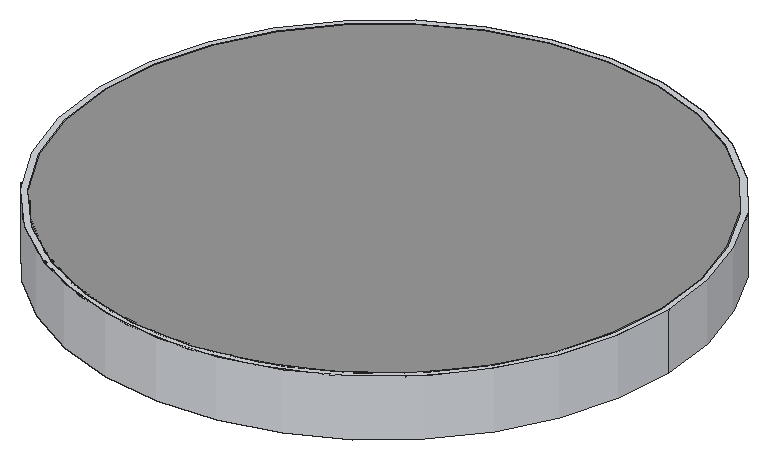
Revit family "2071162", category Lighting Fixtures, host Face, Revit 2018
Family settings
  Host = Face
  Round Connector Dimension = Use Diameter
  Part Type = Normal
  OmniClass Number = 23.80.70.00
  OmniClass Title = Lighting
  Cut with Voids When Loaded = No
  Light Source = Yes
  Shared = No
  Room Calculation Point = No
Parameters (values of type "2071162 COLOSSAL 600 830 OP DIR WHT EM")
  iner diameter = 588 mm
  Weight = "n/a"
  Wattage Comments = ""
  Wattage = 30 W
  WarrantyStartDate [instance] = "n/a"
  WarrantyGuarantorParts = "n/a"
  WarrantyDurationUnit = "n/a"
  WarrantyDurationParts = ""
  WarrantyDescription = "http://www.sylvania-lighting.com"
  built-in parameter 1150110 = 1 (stored number, unit not read)
  Voltage = 230 V
  URL = "0.95"
  TypeName = "COLOSSAL 600mm 830 OPAL DIR WHITE EM"
  Type Image = <None>
  Type Comments = "n/a"
  built-in parameter 1114217 = 1 (stored number, unit not read)
  Tilt Angle = -90.00°
  built-in parameter 1150109 = 1 (stored number, unit not read)
  built-in parameter 1150134 = (empty or 0)
  built-in parameter 1150113 = 1 (stored number, unit not read)
  SerialNumber [instance] = "n/a"
  Photometric Web File = "2071162.ies"
  Material_3_SYL = LED-Sylvania
  PowerFactor = 0
  PowerConsumption = "Lighting"
  NominalLength = 600 mm
  NominalHeight = 93 mm
  NominalDepth = 600 mm
  Name = "COLOSSAL 600mm 830 OPAL DIR WHITE EM"
  ModelReference = Name  # "COLOSSAL 600mm 830 OPAL DIR WHITE EM"
  ModelNumber = "2071162"
  Model = Name  # "COLOSSAL 600mm 830 OPAL DIR WHITE EM"
  Material = "Feilo Sylvania"
  ManufacturerName = "122 lm/W"
  Manufacturer = ""
  LuminousEfficacy = ""
  built-in parameter 1150105 = 270.44 (stored number, unit not read)
  Lumens = 3398.4 lm
  LuminaireType = "0"
  built-in parameter 1150115 = 1 (stored number, unit not read)
  LightOutputRatio = "LED"
  built-in parameter 1150137 = (empty or 0)
  built-in parameter 1150139 = (empty or 0)
  LampsType = Lamp  # "n/a"
  LampNominalLuminous = "3000 K"
  LampMacAdamStep = "80"
  LampColourTemperature = "LED"
  LampColourRenderingIndex = "16500"
  built-in parameter 1150112 = 1 (stored number, unit not read)
  built-in parameter 1150114 = 1 (stored number, unit not read)
  Lamp = "n/a"
  Keynote = "n/a"
  InstallationDate [instance] = "n/a"
  InputVoltage = "0"
  InputNominalFrequency = "3000"
  built-in parameter 1150132 = (empty or 0)
  built-in parameter 1150102 = (empty or 0)
  built-in parameter 1150107 = 3000 (stored number, unit not read)
  built-in parameter 1150138 = (empty or 0)
  IngressProtection = "IfcLightFixtureType"
  ImpactProtectionIndex = "IfcLightFixtureType"
  built-in parameter 1150106 = 2.7044 (stored number, unit not read)
  IfcExportType = "IfcLightFixtureType"
  IfcExportAs = "Class I"
  Emit from Circle Diameter = 385 mm
  Emit Shape Visible in Rendering = no
  ElectricShockClassification = "122"
  built-in parameter 1150104 = 10.524 (stored number, unit not read)
  DocumentationLiterature = "http://www.sylvania-lighting.com/product/en-int/products/2071162"
  DimmingControlOptions = "n/a"
  Material_2_SYL = Polycarbonate_Sylvania_White
  Dimming Lamp Color Temperature Shift = <None>
  Description = "600mm diameter circular architectural luminaire, can be surface mounted or suspended. Powder coated aluminium housing (RAL9016) with polycarbonate opal diffuser. Direct light distribution, 5075lm luminuous flux, 41.5W system power, 122lm/W luminiaire efficacy. Constant current driver. 3 hours integrated emergency. Colour rendering index Ra >80, 3000K Warm White LED, chromaticity tolerance of 3-step MacAdam ellipse. IP40, IK03. 450mA drive current. Electrical protection Class1, 220-240V. Reported lifetime 66k hours L90B10."
  Default Elevation = 1219.2 mm
  CreatedOn = "23/03/2022"
  CreatedBy = "@sylvania-lighting.com"
  Cost = 0
  Color Filter = 16777215
  built-in parameter 1114216 [instance] = (empty or 0)
  ClassificationValue = "EF_70_80"
  ClassificationName = "Uniclass2015"
  Material_1_SYL = Polycarbonate_Sylvania_Opal
  BarCode [instance] = "n/a"
  built-in parameter 1114218 = 1 (stored number, unit not read)
  built-in parameter 1150133 = 10 (stored number, unit not read)
  AssetType = "Fixed"
  AssetIdentifier [instance] = "n/a"
  Assembly Code = "D5020200"
  Apparent Load = 41.5 VA
  Material_4_SYL = none
Reference planes
  plane 1 "Center (Front/Back)": y = 0
  plane 2: z = 0
  plane 3 "Center (Left/Right)": x = 0
  plane 4: x = -300
  plane 5: x = 300
  plane 6: y = 300
  plane 7: y = -300
  plane 8: y = 212
  plane 9: y = -212
  plane 10: z = 93
  plane 11: y = 294
  plane 12: y = -294
  plane 13: through (0, 0, 1219.2) normal (0.5, -0.866, 0)
  plane 14: through (-134.29, 20.617, 1219.2) normal (0.5, -0.866, 0)
  plane 15: through (-144.685, -181.683, 1219.2) normal (-0.5, 0.866, 0)
  plane 16: through (0, 0, 1219.2) normal (0.5, 0.866, 0)
  plane 17: through (178.555, -4.939, 1219.2) normal (0.5, 0.866, 0)
  plane 18: through (87.581, -148.715, 1219.2) normal (0.5, 0.866, 0)
  plane 19: y = 272
  plane 20: through (105.168, 227.067, 1219.2) normal (0.866, 0.5, 0)
  plane 21: through (-104.171, 225.672, 1219.2) normal (0.8572, -0.515, 0)
  plane 22: y = -204.612
  plane 23: through (-296.643, -30.2, 1219.2) normal (0.866, 0.5, 0)
  plane 24: through (153.092, -278.837, 1219.2) normal (-0.866, 0.5, 0)
Forms (mm)
  Extrusion 1, solid, detail levels medium+fine
    sketch origin (0, 0, 0) x (1, 0, 0) y (0, 1, 0)
      loop
        circle (0, 0) r 300
    from 33.023 to 93
  Extrusion 2, void
    sketch origin (0, 0, 0) x (1, 0, 0) y (0, 1, 0)
      loop
        circle (0, 0) r 294
    from 93 to 37.292
  Extrusion 3, solid, material "Glass, White, High Luminance", detail levels fine
    sketch origin (0, 0, 0) x (1, 0, 0) y (0, 1, 0)
      loop
        circle (0, 0) r 294
    from 88.026 to 93
  Extrusion 4, solid, detail levels coarse
    sketch origin (0, 0, 0) x (1, 0, 0) y (0, 1, 0)
      loop
        line (-300, 300) -> (-300, -300) -> (300, -300) -> (300, 300) -> (-300, 300)
    from 0 to 93
  Blend 5, solid, detail levels medium+fine
    base sketch origin (0, 0, 0) x (1, 0, 0) y (0, 1, 0)
      loop
        line (-76.334, 272) -> (-277.665, -63.07) -> (-195.946, -204.612) -> (195.946, -204.612) -> (275.172, -67.388) -> (79.226, 272) -> (-76.334, 272)
    top sketch origin (0, 0, 0) x (1, 0, 0) y (0, 1, 0)
      loop
        line (-226.097, -32.388) -> (-141.097, -179.612) -> (141.097, -179.612) -> (226.097, -32.388) -> (85, 212) -> (-85, 212) -> (-226.097, -32.388)
    from 33.023 to 0
Cuts and joins
  Extrusion 2 cuts Extrusion 1
Lines and regions (mm)
  model lines
    curve 1: line (-85, 212, 0) -> (0, 212, 0)
    curve 2: line (0, 212, 0) -> (85, 212, 0)
Dimensions and locks
  "NominalDepth": plane 6 to plane 7
  "NominalLength": plane 4 to plane 5
  equal spacing: plane 4, plane 3 "Center (Left/Right)", plane 5
  "iner diameter": plane 11 to plane 12
  equal spacing: plane 11, plane 1 "Center (Front/Back)", plane 12
  equal spacing: plane 6, plane 1 "Center (Front/Back)", plane 7
  "NominalHeight": plane 10 to level
  radius of Extrusion 2 sketch curve = 294 mm
  aligned and locked: plane 2 to host face
  aligned and locked: level to host face
Automatic sketch dimensions
  host sketch curve to host sketch curve = 2438.4 mm  (x2)
  plane 1 "Center (Front/Back)" to Extrusion 1 sketch curve = 0 mm
  Extrusion 1 sketch curve to plane 3 "Center (Left/Right)" = 0 mm
  plane 1 "Center (Front/Back)" to Extrusion 2 sketch curve = 0 mm
  Extrusion 2 sketch curve to plane 3 "Center (Left/Right)" = 0 mm
  plane 1 "Center (Front/Back)" to Extrusion 3 sketch curve = 0 mm
  Extrusion 3 sketch curve to plane 3 "Center (Left/Right)" = 0 mm
  Extrusion 4 sketch curve to plane 4 = 0 mm
  Extrusion 4 sketch curve to plane 5 = 0 mm
  Extrusion 4 sketch curve to plane 7 = 0 mm
  Extrusion 4 sketch curve to plane 6 = 0 mm
  Blend 5 sketch curve to plane 8 = 0 mm
  Blend 5 sketch curve to plane 3 "Center (Left/Right)" = 85 mm
  plane 3 "Center (Left/Right)" to Blend 5 sketch curve = 85 mm
  plane 9 to Blend 5 sketch curve = 32.388 mm
  plane 3 "Center (Left/Right)" to Blend 5 sketch curve = 141.097 mm
  plane 1 "Center (Front/Back)" to Blend 5 sketch curve = 32.388 mm  (x2)
  Blend 5 sketch curve to plane 5 = 73.903 mm
  Blend 5 sketch curve to plane 3 "Center (Left/Right)" = 141.097 mm
  plane 4 to Blend 5 sketch curve = 73.903 mm
  curve 1 to plane 8 = 0 mm
  curve 2 to plane 3 "Center (Left/Right)" = 0 mm
  curve 1 to plane 3 "Center (Left/Right)" = 85 mm
  curve 1 to curve 2 = 85 mm
  Blend 5 sketch curve to plane 21 = 0 mm
  Blend 5 sketch curve to plane 23 = 0 mm  (x2)
  Blend 5 sketch curve to plane 22 = 0 mm
  Blend 5 sketch curve to plane 19 = 0 mm
  plane 21 to Blend 5 sketch curve = 0 mm
  Blend 5 sketch curve to plane 20 = 0 mm  (x2)
  Blend 5 sketch curve to plane 24 = 0 mm  (x2)
  radius of Extrusion 1 sketch curve = 300 mm
  radius of Extrusion 3 sketch curve = 294 mm
Connectors
  electrical at (0, 0, 0), driven by "Apparent Load", driven by "PowerFactor", driven by "Voltage"
    settings: index 1, voltage 230 V, apparent load 41.5 VA, apparent load phase1 0 VA, apparent load phase2 0 VA, apparent load phase3 0 VA, power factor 0, load classification "Lighting", number of poles 1, system type 30, power factor state 1, is connector primary yes, connector utility no, sub classification motor no, connector description ""
